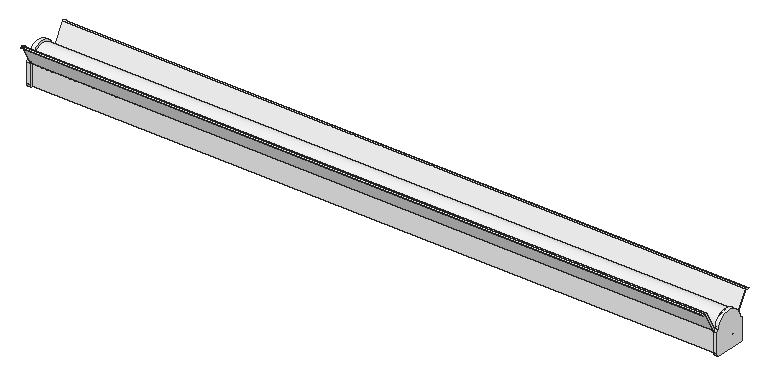
Revit family "0045175+0045235 Feilo Sylvania Lighting Fixture SYLBATTEN LED8 NW TP3 with SYMMETRIC REFLECTOR ACCESSORY 1500MM", category Lighting Fixtures, host Face, Revit 2017
Family settings
  Host = Face
  Round Connector Dimension = Use Diameter
  Part Type = Normal
  OmniClass Number = 23.80.70.00
  OmniClass Title = Lighting
  Cut with Voids When Loaded = No
  Light Source = Yes
  Shared = No
  Room Calculation Point = No
Parameters (values of type "0045175 SYLBATTEN LED8 NW TP3")
  Width_FEILO = 66 mm
  Weight = "3.07 kg"
  Wattage Comments = "n/a"
  Wattage = 79 W
  WarrantyStartDate [instance] = "n/a"
  WarrantyGuarantorParts = "n/a"
  WarrantyDurationUnit = "n/a"
  WarrantyDurationParts = "n/a"
  WarrantyDescription = "n/a"
  built-in parameter 1150110 = 1 (stored number, unit not read)
  Voltage = 230 V
  URL = "http://www.sylvania-lighting.com"
  TypeName = "SYLBATTEN LED8 NW TP3"
  Type Image = <None>
  Type Comments = "n/a"
  built-in parameter 1114217 = 1 (stored number, unit not read)
  Tilt Angle = -90.00°
  built-in parameter 1150109 = 1 (stored number, unit not read)
  built-in parameter 1150134 = 12
  SymReflector_FEILO = yes
  built-in parameter 1150113 = 1 (stored number, unit not read)
  SerialNumber [instance] = "n/a"
  PowerFactor = 0
  PowerConsumption = "79 W"
  Photometric Web File = "0045175+0045235.ies"
  NominalLength = 1505 mm
  NominalHeight = 91 mm
  NominalDepth = 122 mm
  Name = "SYLBATTEN LED8 NW TP3"
  ModelReference = Name  # "SYLBATTEN LED8 NW TP3"
  ModelNumber = "0045175"
  Model = Name  # "SYLBATTEN LED8 NW TP3"
  Material_4_FEILO = Reflector-Sylvania-Sylbatten-White
  Material_3_FEILO = Diffuser-Sylvania-Sylbatten-Glow
  Material_2_FEILO = Body-Sylvania-Sylbatten-White
  Material_1_FEILO = Body-Sylvania-Sylbatten-White
  Material = "sheet steel housing, polycarbonate diffuser"
  ManufacturerName = "Feilo Sylvania"
  Manufacturer = "Feilo Sylvania"
  LuminousEfficacy = "105.6 lm/W"
  built-in parameter 1150105 = 664.31 (stored number, unit not read)
  Lumens = 8347.93 lm
  LuminaireType = ""
  built-in parameter 1150115 = 1 (stored number, unit not read)
  LightOutputRatio = "100"
  built-in parameter 1150137 = (empty or 0)
  built-in parameter 1150139 = (empty or 0)
  Length_FEILO = 1505 mm
  LampsType = Lamp  # "LED"
  LampNominalLuminous = "8348 lm"
  LampMacAdamStep = "n/a"
  LampColourTemperature = "4000 K"
  LampColourRenderingIndex = "80"
  built-in parameter 1150112 = 1 (stored number, unit not read)
  built-in parameter 1150114 = 1 (stored number, unit not read)
  Lamp = "LED"
  Keynote = "16500"
  InstallationDate [instance] = "n/a"
  InputVoltage = "220-240V~"
  InputNominalFrequency = "n/a"
  built-in parameter 1150132 = (empty or 0)
  built-in parameter 1150102 = (empty or 0)
  built-in parameter 1150107 = 4000 (stored number, unit not read)
  built-in parameter 1150138 = (empty or 0)
  IngressProtection = "IP20"
  ImpactProtectionIndex = "IK07"
  built-in parameter 1150106 = 6.6431 (stored number, unit not read)
  IfcExportType = "IfcLightFixtureType"
  IfcExportAs = "IfcLightFixtureType"
  Height_FEILO = 76 mm
  ExpectedLife = 50000
  Emit from Rectangle Width = Length_FEILO - 16 mm  # 1489 mm
  Emit from Rectangle Length = Width_FEILO - 40 mm  # 26 mm
  Emit Shape Visible in Rendering = no
  ElectricShockClassification = "Class I"
  built-in parameter 1150104 = 9.8171 (stored number, unit not read)
  DurationUnit = "hours"
  DocumentationLiterature = "http://www.sylvania-lighting.com/product/en-int/products/0045175"
  DimmingControlOptions = "n/a"
  Dimming Lamp Color Temperature Shift = <None>
  Description = "LED batten, T8 replacement, ease of installation through 2 part push-in design of the housing (safety cable included), through wiring capability (TP3 = 3 core), sheet steel, 8348M, 79W, 106lm/W, 4000K, drive current: 450mA, CRI 80, 138° wide beam angle, electronic driver (non dimmable), IP20, IK07, 50,000 hrs (L70), (LxWxH) 1505x66x76mm, 5 step MacAdam ellipse, 3.7kg, white RAL9016, Class 1, 220-240V, energy class: A++, A+, A."
  Default Elevation = 1219.2 mm
  CreatedOn = "1/25/2018"
  CreatedBy = ""
  Cost = 0
  Color Filter = 16777215
  built-in parameter 1114216 [instance] = (empty or 0)
  ClassificationValue = "EF_70_80"
  ClassificationName = "Uniclass2015"
  CapOffset_FEILO = 2 mm
  BarCode [instance] = "n/a"
  built-in parameter 1114218 = 1 (stored number, unit not read)
  BackReflector_FEILO = and(not(AsymReflector_FEILO), SymReflector_FEILO)  # yes
  built-in parameter 1150133 = 10 (stored number, unit not read)
  FrontReflector_FEILO = or(AsymReflector_FEILO, SymReflector_FEILO)  # yes
  AsymReflector_FEILO = no
  AssetType = "Fixed"
  AssetIdentifier [instance] = "n/a"
  Assembly Code = "D5020200"
  Apparent Load = 79 VA
Reference planes
  plane 1 "Center (Front/Back)": y = 0
  plane 2: z = 0
  plane 3 "Center (Left/Right)": x = 0
  plane 4: x = 752.5
  plane 5: x = -752.5
  plane 6: y = 33
  plane 7: y = -33
  plane 8: z = 76
  plane 9: z = 47
  plane 10: y = -29
  plane 11: y = 29
  plane 12: z = 20
  plane 13: z = 74
  plane 14: y = -31
  plane 15: y = -27
  plane 16: y = 27
  plane 17: y = 31
  plane 18: z = 2
  plane 19: x = -744.5
  plane 20: x = 744.5
  plane 21: z = 49
  plane 22: y = 1
  plane 23: y = -1
  plane 24: z = 21
  plane 25: z = 19
  plane 26: y = -61
  plane 27: y = 61
  plane 28: y = -56
  plane 29: y = 56
  plane 30: z = 91
  plane 31: z = 88
Forms (mm)
  Extrusion 1, solid, material "Body-Sylvania-Sylbatten-White" <- "Material_2_FEILO"
    sketch origin (0, 0, 0) x (0, 1, 0) y (0, 0, 1)
      loop
        line (-31, 2) -> (31, 2) -> (31, 45)
        arc (31, 45) -> (30.414, 46.414) -> (29, 47) r 2
        line (29, 47) -> (27, 47)
        arc (27, 47) -> (0, 74) -> (-27, 47) r 27
        line (-27, 47) -> (-29, 47)
        arc (-29, 47) -> (-30.414, 46.414) -> (-31, 45) r 2
        line (-31, 45) -> (-31, 2)
    from -744.5 to 744.5
  Extrusion 2, solid, material "Body-Sylvania-Sylbatten-White" <- "Material_2_FEILO"
    sketch origin (752.5, 1524, 1219.2) x (0, 1, 0) y (0, 0, 1)
      loop
        arc (-1494, -1219.2) -> (-1491.879, -1218.321) -> (-1491, -1216.2) r 3
        line (-1491, -1216.2) -> (-1491, -1173.2)
        arc (-1491, -1173.2) -> (-1491.879, -1171.079) -> (-1494, -1170.2) r 3
        line (-1494, -1170.2) -> (-1495.069, -1170.2)
        arc (-1495.069, -1170.2) -> (-1524, -1143.2) -> (-1552.931, -1170.2) r 29
        line (-1552.931, -1170.2) -> (-1554, -1170.2)
        arc (-1554, -1170.2) -> (-1556.121, -1171.079) -> (-1557, -1173.2) r 3
        line (-1557, -1173.2) -> (-1557, -1216.2)
        arc (-1557, -1216.2) -> (-1556.121, -1218.321) -> (-1554, -1219.2) r 3
        line (-1554, -1219.2) -> (-1494, -1219.2)
      loop
        arc (-1525, -1189.25) -> (-1531.071, -1192.129) -> (-1533.95, -1198.2) r 10
        line (-1533.95, -1198.2) -> (-1532.944, -1198.2)
        arc (-1532.944, -1198.2) -> (-1530.364, -1192.836) -> (-1525, -1190.256) r 9
        line (-1525, -1190.256) -> (-1525, -1189.25)
      loop
        arc (-1523, -1190.256) -> (-1517.636, -1192.836) -> (-1515.056, -1198.2) r 9
        line (-1515.056, -1198.2) -> (-1514.05, -1198.2)
        arc (-1514.05, -1198.2) -> (-1516.929, -1192.129) -> (-1523, -1189.25) r 10
        line (-1523, -1189.25) -> (-1523, -1190.256)
      loop
        line (-1532.944, -1200.2) -> (-1533.95, -1200.2)
        arc (-1533.95, -1200.2) -> (-1531.071, -1206.271) -> (-1525, -1209.15) r 10
        line (-1525, -1209.15) -> (-1525, -1208.144)
        arc (-1525, -1208.144) -> (-1530.364, -1205.564) -> (-1532.944, -1200.2) r 9
      loop
        arc (-1515.056, -1200.2) -> (-1517.636, -1205.564) -> (-1523, -1208.144) r 9
        line (-1523, -1208.144) -> (-1523, -1209.15)
        arc (-1523, -1209.15) -> (-1516.929, -1206.271) -> (-1514.05, -1200.2) r 10
        line (-1514.05, -1200.2) -> (-1515.056, -1200.2)
    from 0 to -8
  Extrusion 3, solid, material "Body-Sylvania-Sylbatten-White" <- "Material_2_FEILO"
    sketch origin (-752.5, 1524, 1219.2) x (0, 1, 0) y (0, 0, 1)
      loop
        arc (-1495.069, -1170.2) -> (-1524, -1143.2) -> (-1552.931, -1170.2) r 29
        line (-1552.931, -1170.2) -> (-1554, -1170.2)
        arc (-1554, -1170.2) -> (-1556.121, -1171.079) -> (-1557, -1173.2) r 3
        line (-1557, -1173.2) -> (-1557, -1216.2)
        arc (-1557, -1216.2) -> (-1556.121, -1218.321) -> (-1554, -1219.2) r 3
        line (-1554, -1219.2) -> (-1494, -1219.2)
        arc (-1494, -1219.2) -> (-1491.879, -1218.321) -> (-1491, -1216.2) r 3
        line (-1491, -1216.2) -> (-1491, -1173.2)
        arc (-1491, -1173.2) -> (-1491.879, -1171.079) -> (-1494, -1170.2) r 3
        line (-1494, -1170.2) -> (-1495.069, -1170.2)
      loop
        line (-1533.95, -1198.2) -> (-1532.944, -1198.2)
        arc (-1532.944, -1198.2) -> (-1530.364, -1192.836) -> (-1525, -1190.256) r 9
        line (-1525, -1190.256) -> (-1525, -1189.25)
        arc (-1525, -1189.25) -> (-1531.071, -1192.129) -> (-1533.95, -1198.2) r 10
      loop
        line (-1523, -1189.25) -> (-1523, -1190.256)
        arc (-1523, -1190.256) -> (-1517.636, -1192.836) -> (-1515.056, -1198.2) r 9
        line (-1515.056, -1198.2) -> (-1514.05, -1198.2)
        arc (-1514.05, -1198.2) -> (-1516.929, -1192.129) -> (-1523, -1189.25) r 10
      loop
        line (-1514.05, -1200.2) -> (-1515.056, -1200.2)
        arc (-1515.056, -1200.2) -> (-1517.636, -1205.564) -> (-1523, -1208.144) r 9
        line (-1523, -1208.144) -> (-1523, -1209.15)
        arc (-1523, -1209.15) -> (-1516.929, -1206.271) -> (-1514.05, -1200.2) r 10
      loop
        line (-1525, -1209.15) -> (-1525, -1208.144)
        arc (-1525, -1208.144) -> (-1530.364, -1205.564) -> (-1532.944, -1200.2) r 9
        line (-1532.944, -1200.2) -> (-1533.95, -1200.2)
        arc (-1533.95, -1200.2) -> (-1531.071, -1206.271) -> (-1525, -1209.15) r 10
    from 0 to 8
  Extrusion 4, solid, material "Reflector-Sylvania-Sylbatten-White" <- "Material_4_FEILO", visible <- "FrontReflector_FEILO"
    sketch origin (0, 0, 0) x (0, 1, 0) y (0, 0, 1)
      loop
        line (-61.257, 88.429) -> (-60.743, 87.571) -> (-56.621, 90.044)
        arc (-56.621, 90.044) -> (-56.237, 90.099) -> (-55.929, 89.863) r 0.5
        line (-55.929, 89.863) -> (-31.435, 46.753) -> (-30.565, 47.247) -> (-55.312, 90.802)
        arc (-55.312, 90.802) -> (-55.928, 91.275) -> (-56.696, 91.165) r 1
        line (-56.696, 91.165) -> (-61.257, 88.429)
    from -744.5 to 744.5
  Extrusion 5, solid, material "Reflector-Sylvania-Sylbatten-White" <- "Material_4_FEILO", visible <- "BackReflector_FEILO"
    sketch origin (0, 0, 0) x (0, 1, 0) y (0, 0, 1)
      loop
        line (30.565, 47.247) -> (31.435, 46.753) -> (55.932, 89.868)
        arc (55.932, 89.868) -> (56.245, 90.112) -> (56.638, 90.062) r 0.518
        line (56.638, 90.062) -> (61.033, 87.565) -> (61.527, 88.435) -> (56.682, 91.188)
        arc (56.682, 91.188) -> (55.922, 91.282) -> (55.318, 90.812) r 1
        line (55.318, 90.812) -> (30.565, 47.247)
    from -744.5 to 744.5
Lines and regions (mm)
  reference lines
    curve 1: line (0, -61, 88) -> (0, -56, 91)
    curve 2: line (0, -56, 91) -> (0, -31, 47)
    curve 3: line (0, 31, 47) -> (0, 56, 91)
    curve 4: line (0, 56, 91) -> (0, 61.28, 88)
Dimensions and locks
  equal spacing: plane 5, plane 3 "Center (Left/Right)", plane 4
  equal spacing: plane 7, plane 1 "Center (Front/Back)", plane 6
  "Width_FEILO": plane 7 to plane 6
  "Length_FEILO": plane 5 to plane 4
  "Height_FEILO": plane 8 to plane 2
  locked: plane 9 to plane 8 at 29
  equal spacing: plane 10, plane 1 "Center (Front/Back)", plane 11
  locked: plane 7 to plane 10 at 4
  locked: plane 12 to plane 2 at 20
  "CapOffset_FEILO": plane 13 to plane 8
  "CapOffset_FEILO": plane 7 to plane 14
  "CapOffset_FEILO": plane 10 to plane 15
  "CapOffset_FEILO": plane 17 to plane 6
  "CapOffset_FEILO": plane 16 to plane 11
  "CapOffset_FEILO": plane 18 to plane 2
  locked: plane 14 to Extrusion 1 sketch curve at 2
  locked: Extrusion 1 sketch curve to plane 9 at 2  (x2)
  locked: plane 16 to Extrusion 1 sketch curve at 2
  equal spacing: plane 19, plane 3 "Center (Left/Right)", plane 20
  locked: plane 5 to plane 19 at 8
  "CapOffset_FEILO": plane 9 to plane 21
  locked: Extrusion 2 sketch curve to plane 2 at 47
  locked: Extrusion 1 sketch curve to plane 2 at 47
  locked: Extrusion 2 sketch curve to plane 2 at 3  (x2)
  locked: plane 7 to Extrusion 2 sketch curve at 3  (x2)
  locked: Extrusion 2 sketch curve to plane 6 at 3  (x2)
  locked: Extrusion 2 sketch curve to plane 21 at 3  (x2)
  equal spacing: plane 23, plane 1 "Center (Front/Back)", plane 22
  equal spacing: plane 25, plane 12, plane 24
  plane 30 to plane 31 to plane 2 = 3 mm locked, 88 mm locked
  plane 28 to plane 29 = 112 mm
  plane 26 to plane 27 = 122 mm
  aligned and locked: plane 2 to host face
  aligned and locked: level to host face
  aligned and locked: plane 18 to Extrusion 1 sketch curve
  aligned and locked: plane 14 to Extrusion 1 sketch curve
  aligned and locked: Extrusion 1 sketch curve to plane 9  (x2)
  aligned and locked: Extrusion 1 sketch curve to plane 17
  aligned and locked: plane 15 to Extrusion 1 sketch curve
  aligned and locked: plane 16 to Extrusion 1 sketch curve
  aligned and locked: plane 9 to Extrusion 1 sketch curve
  aligned and locked: plane 20 to Extrusion 1
  aligned and locked: level to Extrusion 2 sketch curve
  aligned and locked: Extrusion 2 sketch curve to plane 7
  aligned and locked: plane 21 to Extrusion 2 sketch curve
  aligned and locked: Extrusion 2 sketch curve to plane 21
  aligned and locked: plane 1 "Center (Front/Back)" to Extrusion 2 sketch curve  (x3)
  aligned and locked: Extrusion 2 to Extrusion 1
  aligned and locked: plane 4 to Extrusion 2
  aligned and locked: plane 12 to Extrusion 2 sketch curve  (x2)
  aligned and locked: Extrusion 2 sketch curve to plane 22
  aligned and locked: Extrusion 2 sketch curve to plane 23
  aligned and locked: Extrusion 2 sketch curve to plane 24
  aligned and locked: Extrusion 2 sketch curve to plane 25
  aligned and locked: plane 25 to Extrusion 2 sketch curve
  aligned and locked: plane 22 to Extrusion 2 sketch curve
  aligned and locked: plane 24 to Extrusion 2 sketch curve
  aligned and locked: plane 23 to Extrusion 2 sketch curve  (x2)
  aligned and locked: Extrusion 3 sketch curve to Extrusion 2  (x22)
  aligned and locked: Extrusion 3 to Extrusion 1
  aligned and locked: Extrusion 3 to plane 5
  aligned and locked: plane 19 to Extrusion 3
  aligned and locked: plane 31 to curve 1
  aligned and locked: plane 30 to curve 1
  aligned and locked: plane 14 to curve 2
  aligned and locked: plane 9 to curve 2
  aligned and locked: plane 17 to curve 3
  aligned and locked: plane 30 to curve 3
  aligned and locked: plane 31 to curve 4
  aligned and locked: Extrusion 4 sketch curve to curve 2
  aligned and locked: Extrusion 4 sketch curve to curve 1
  aligned and locked: Extrusion 4 to Extrusion 1
  aligned and locked: Extrusion 1 to Extrusion 4
  aligned and locked: imposter light to plane 1 "Center (Front/Back)"
  aligned and locked: imposter light to plane 3 "Center (Left/Right)"
  aligned and locked: imposter light to plane 13
  aligned and locked: Extrusion 5 sketch curve to curve 4
  aligned and locked: Extrusion 5 sketch curve to curve 3
  aligned and locked: Extrusion 1 to Extrusion 5
  aligned and locked: Extrusion 5 to Extrusion 1
Automatic sketch dimensions
  host sketch curve to host sketch curve = 2438.4 mm  (x2)
  Extrusion 2 sketch curve to Extrusion 2 sketch curve = 0 mm  (x14)
  Extrusion 2 sketch curve to plane 10 = 0.069 mm
  plane 23 to Extrusion 2 sketch curve = 8.95 mm
  Extrusion 2 sketch curve to Extrusion 2 sketch curve = 1.006 mm  (x4)
  Extrusion 2 sketch curve to plane 22 = 7.944 mm
  curve 1 to plane 26 = 0 mm
  curve 2 to plane 28 = 0 mm
  curve 4 to plane 29 = 0 mm
  plane 9 to curve 3 = 0 mm
  plane 26 to Extrusion 4 sketch curve = 0.257 mm
  Extrusion 4 sketch curve to plane 26 = 0.257 mm
  Extrusion 4 sketch curve to plane 30 = 0.165 mm
  plane 28 to Extrusion 4 sketch curve = 0.696 mm
  plane 28 to Extrusion 4 sketch curve = 0.621 mm
  plane 28 to Extrusion 4 sketch curve = 0.364 mm
  plane 28 to Extrusion 4 sketch curve = 0.182 mm
  Extrusion 4 sketch curve to plane 28 = 0.071 mm
  plane 30 to Extrusion 4 sketch curve = 0.198 mm
  Extrusion 4 sketch curve to plane 28 = 0.688 mm
  plane 9 to Extrusion 4 sketch curve = 0.247 mm
  plane 1 "Center (Front/Back)" to Extrusion 4 sketch curve = 31.435 mm
  Extrusion 5 sketch curve to plane 9 = 0.247 mm
  Extrusion 5 sketch curve to plane 1 "Center (Front/Back)" = 30.565 mm
  plane 9 to Extrusion 5 sketch curve = 0.247 mm
  plane 30 to Extrusion 5 sketch curve = 0.188 mm
  plane 29 to Extrusion 5 sketch curve = 0.068 mm
  Extrusion 5 sketch curve to plane 29 = 0.188 mm
  Extrusion 5 sketch curve to plane 29 = 0.382 mm
  Extrusion 5 sketch curve to Extrusion 5 sketch curve = 0.256 mm
  Extrusion 5 sketch curve to plane 30 = 0.188 mm
  Extrusion 5 sketch curve to plane 29 = 0.682 mm
  Extrusion 5 sketch curve to plane 27 = 0.033 mm
  Extrusion 5 sketch curve to plane 27 = 0.527 mm
Connectors
  electrical at (0, 0, 0), driven by "Apparent Load", driven by "PowerFactor", driven by "Voltage"
    settings: index 1, voltage 230 V, apparent load 79 VA, apparent load phase1 0 VA, apparent load phase2 0 VA, apparent load phase3 0 VA, power factor 0, load classification "Lighting", number of poles 1, system type 30, power factor state 1, is connector primary yes, connector utility no, sub classification motor no, connector description ""
